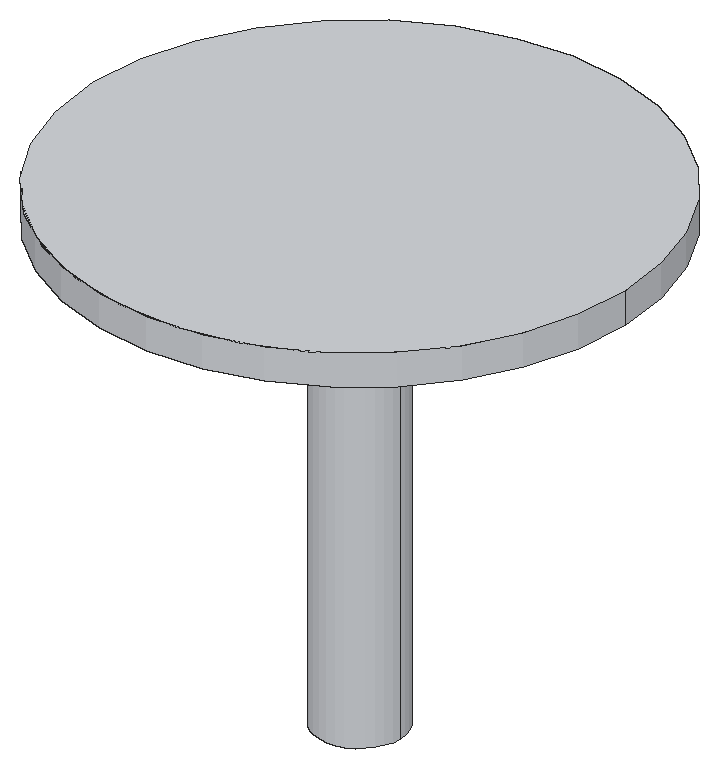
Revit family "4db6792b7d7a4541b4734c55894fdc84", category Sprinklers, host Face, Revit 2021
Family settings
  Host = Face
  Maintain Annotation Orientation = Yes
  Round Connector Dimension = Use Radius
  Part Type = Normal
  OmniClass Number = 23.65.70.17.11.24
  OmniClass Title = Fire Fighting Sprinkler Heads
  Seek Item ID = Sprinkler - Horizontal Sidewall - Fully Recessed - Hosted-0000-USA-ENU
  Cut with Voids When Loaded = No
  Shared = No
  Room Calculation Point = No
Parameters (values of type "1/2" Horizontal Sidewall")
  Temperature Rating = 135 °F
  Response = Standard
  Pressure Drop [instance] = 7.00 psi
  Pressure Class = Standard
  Orifice Size = 1/2"
  Orifice = Standard
  K-Factor = 5.6
  Flow [instance] = 30 GPM
  Escutcheon Diameter = 3 1/4"
  Coverage = Standard
  Nominal Diameter = Nominal Radius * 2  # 1/2"
  Nominal Radius = 1/4"
  Escutcheon Radius = 0.5 * Escutcheon Diameter  # 1 5/8"
  Protrusion = 0"
  Overall Length = 3"
  Escutcheon Thickness = 3/16"
  Default Elevation = 8' - 0"
  CEL = 1/4"
  Assembly Code = ""
Types (2): name | Pressure Drop | Orifice Size | K-Factor | Flow | Nominal Diameter | Nominal Radius | Overall Length | CEL
  1/2" Horizontal Sidewall | 7.00 psi | 1/2" | 5.6 | 30 GPM | 1/2" | 1/4" | 3" | 1/4"
  3/4" Horizontal Sidewall | 14.00 psi | 17/32" | 8 | 43 GPM | 3/4" | 3/8" | 2 15/16" | 3/8"
Reference planes (in)
  plane 1 "Center (Front/Back)": y = 0
  plane 2: z = 0
  plane 3 "Center (Left/Right)": x = 0
  plane 4: z = -3
  plane 5: z = 0.1875
  plane 6: z = 0
  plane 7: z = -2.75
Forms (in)
  Extrusion 1, solid
    sketch origin (0, 0, 0) x (1, 0, 0) y (0, 1, 0)
      loop
        circle (0, 0) r 0.25
    from -2.75 to 0
  Extrusion 2, solid
    sketch origin (0, 0, 0) x (1, 0, 0) y (0, 1, 0)
      loop
        circle (0, 0) r 1.625
    from 0 to 0.1875
Cuts and joins
  joined: Extrusion 1, Extrusion 2
Dimensions and locks (in)
  "Escutcheon Thickness": plane 5 to level
  "Protrusion": plane 6 to level
  "Overall Length": plane 6 to plane 4
  "CEL": plane 7 to plane 4
  "Nominal Radius": radius of Extrusion 1 sketch curve
  "Escutcheon Radius": radius of Extrusion 2 sketch curve
  aligned and locked: plane 2 to host face
  aligned and locked: level to host face
  aligned and locked: Extrusion 2 to level
  aligned and locked: plane 5 to Extrusion 2
  aligned and locked: plane 6 to Extrusion 1
  aligned and locked: Extrusion 1 to plane 7
Automatic sketch dimensions
  Extrusion 1 sketch curve to plane 1 "Center (Front/Back)" = 0' - 0"
  Extrusion 1 sketch curve to plane 3 "Center (Left/Right)" = 0' - 0"
  Extrusion 2 sketch curve to plane 1 "Center (Front/Back)" = 0' - 0"
  Extrusion 2 sketch curve to plane 3 "Center (Left/Right)" = 0' - 0"
  host sketch curve to host sketch curve = 8' - 0"  (x2)
Nested families (in)
  nested 1: "Sprinkler - Symbol - Horizontal Sidewall" at (0, 0, 0), type "Sprinkler - Symbol - Horizontal Sidewall"
Connectors (in)
  piping at (0, 0, -2.75), diameter 0.5, driven by "Nominal Radius", driven by "Flow", driven by "Pressure Drop"
    settings: on cut or joined group of Extrusion 1, Extrusion 2, index 1, connector inside diameter 1/2", connector length 0' - 0", flow factor 0, pipe flow 30 GPM, pressure drop 7.00 psi, fitting loss kfactor 0, connector angle 0.00°, fixture units 0, engagement length 0' - 0", angle of deflection 0.00°, flow configuration 1, flow direction 1, fitting loss method 4, system type 23, joint type 0, gender type 0, connector reference index -1, connector utility 0, adjustable connector no, is connector primary yes, connector description "In"
Definition of nested family "Sprinkler - Symbol - Horizontal Sidewall"
  Parameters
    Symbol Width = Symbol Depth  # 1/16"
    Symbol Half Width = 0.5 * Symbol Width  # 1/32"
    Symbol Depth = 1/16"
  Reference planes (in)
    plane 1: y = 0
    plane 2: x = 0
  Lines and regions (in)
    reference lines
      curve 1: line (-0.03125, 0, 0) -> (-0.03125, 0.0625, 0)
      curve 2: line (-0.03125, 0.0625, 0) -> (0.03125, 0.0625, 0)
      curve 3: line (0.03125, 0.0625, 0) -> (0.03125, 0, 0)
      curve 4: line (-0.03125, 0.0625, 0) -> (0, 0, 0)
      curve 5: line (0, 0, 0) -> (0.03125, 0.0625, 0)
    detail lines
      curve 6: line (-0.03125, 0.0625, 0) -> (0.03125, 0.0625, 0)
      curve 7: line (0.03125, 0.0625, 0) -> (0, 0, 0)
      curve 8: line (-0.03125, 0.0625, 0) -> (0, 0, 0)
  Dimensions and locks (in)
    equal spacing: curve 1, plane 2, curve 3
    "Symbol Depth": plane 1 to curve 2
    "Symbol Half Width": curve 1 to plane 2
    aligned and locked: plane 1 to curve 1
    aligned and locked: curve 6 to curve 2
    aligned and locked: curve 1 to curve 6
    aligned and locked: curve 6 to curve 3
    aligned and locked: curve 7 to curve 5
    aligned and locked: curve 2 to curve 7
    aligned and locked: plane 1 to curve 7
  Automatic sketch dimensions
    curve 5 to plane 1 = 0' - 0"
    curve 4 to plane 2 = 0' - 0"
    curve 3 to plane 1 = 0' - 0"
